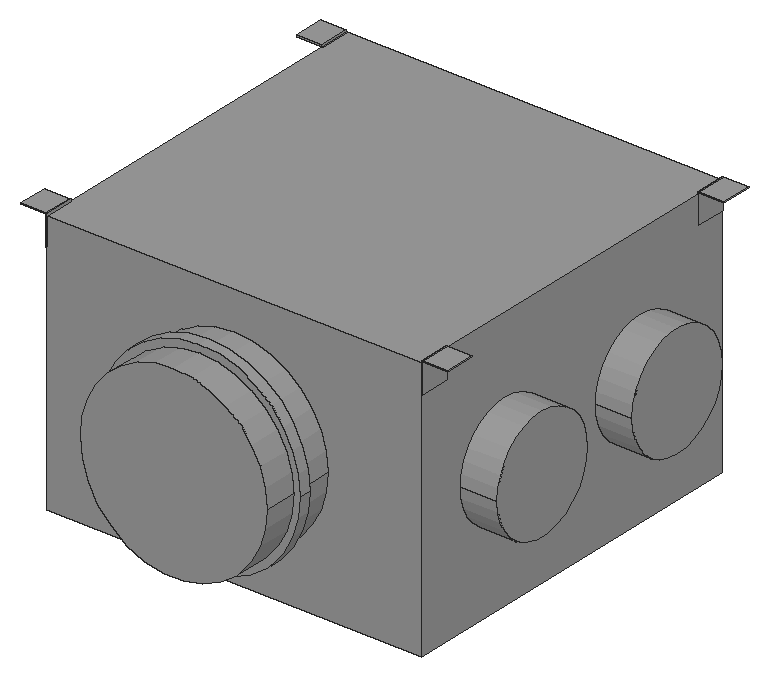
Revit family "FASU(F5-150 250Φ)", category ダクト付属品, Revit 2020
Family settings
  丸型コネクタ寸法 = 直径を使用
  パーツ タイプ = ダンパー
  OmniClass 番号 = 23.75.00.00
  OmniClass タイトル = Climate Control (HVAC)
  作業面ベース = いいえ
  常に垂直 = はい
  ロード時にボイドで切り取り = いいえ
  共有 = いいえ
Parameters
  高さ = 350 mm
  風量 [instance] = 0.0 L/s
  符号 = "FASU"
  形式 = "F5-150 250φ"
  幅 [instance] = 500 mm
  奥行き = 500 mm
  大きさ = 250 mm
  呼称 = "FASUチャンバー"
  付属品_下端レベル [instance] = 0 mm
  マテリアル [instance] = 既定値
  ダクト_イン = 250 mm
  ダクト_アウト = 150 mm
  既定の高さ = 0 mm
Reference planes
  plane 1 "中心(正面/背面)": y = 0
  plane 2: z = 0
  plane 3 "中心(左/右)": x = 0
  plane 4: x = -250
  plane 5: x = 250
  plane 6: y = -500
  plane 7: z = 350
  plane 8: z = 175
  plane 9: z = 266.963
  plane 10: z = 86.159
  plane 11: x = -125
  plane 12: x = 125
  plane 13: x = -135
  plane 14: x = 135
  plane 15: x = -251
  plane 16: z = 313.122
  plane 17: z = 352.122
  plane 18: y = -250
Forms (mm)
  Extrusion 1, solid, material "既定値" <- "マテリアル"
    sketch origin (0, 0, 0) x (1, 0, 0) y (0, 1, 0)
      loop
        line (-250, 0) -> (-250, -500) -> (250, -500) -> (250, 0) -> (-250, 0)
    from 0 to 350
  Extrusion 2, solid, material "既定値" <- "マテリアル"
    sketch origin (0, -30, 0) x (1, 0, 0) y (0, 0, 1)
      loop
        circle (0, 175) r 125
    from 470 to 512.5
  Extrusion 3, solid, material "既定値" <- "マテリアル"
    sketch origin (0, -30, 0) x (1, 0, 0) y (0, 0, 1)
      loop
        circle (0, 175) r 135
    from 512.5 to 527.5
  Extrusion 4, solid, material "既定値" <- "マテリアル"
    sketch origin (0, -117.5, 0) x (1, 0, 0) y (0, 0, 1)
      loop
        circle (0, 175) r 125
    from 440 to 482.5
  Extrusion 5, solid, material "既定値" <- "マテリアル"
    sketch origin (0, -30, 0) x (0, 1, 0) y (0, 0, 1)
      loop
        circle (-332.5, 175) r 74.985
    from -300 to -250
  Extrusion 6, solid, material "既定値" <- "マテリアル"
    sketch origin (550, -30, 0) x (0, 1, 0) y (0, 0, 1)
      loop
        circle (-332.5, 175) r 74.985
    from -300 to -250
  Extrusion 7, solid, material "既定値" <- "マテリアル"
    sketch origin (0, -30, 0) x (1, 0, 0) y (0, 1, 0)
      loop
        line (-250, 30) -> (-251, 30) -> (-251, -10) -> (-250, -10) -> (-250, 30)
    from 313.122 to 350
  Extrusion 8, solid, material "既定値" <- "マテリアル"
    sketch origin (0, -30, 0) x (1, 0, 0) y (0, 1, 0)
      loop
        line (-285, 30) -> (-285, -10) -> (-251, -10) -> (-251, 30) -> (-285, 30)
    from 352.122 to 350
  Extrusion 9, solid, material "既定値" <- "マテリアル"
    sketch origin (0, -30, 0) x (-1, 0, 0) y (0, -1, 0)
      loop
        line (-250, -30) -> (-250, 10) -> (-251, 10) -> (-251, -30) -> (-250, -30)
    from 313.122 to 353.122
  Extrusion 10, solid, material "既定値" <- "マテリアル"
    sketch origin (0, -30, 0) x (-1, 0, 0) y (0, -1, 0)
      loop
        line (-285, -30) -> (-251, -30) -> (-251, 10) -> (-285, 10) -> (-285, -30)
    from 352.122 to 353.122
  Extrusion 11, solid, material "既定値" <- "マテリアル"
    sketch origin (0, -490, 0) x (1, 0, 0) y (0, 1, 0)
      loop
        line (-285, 30) -> (-285, -10) -> (-251, -10) -> (-251, 30) -> (-285, 30)
    from 352.122 to 353.122
  Extrusion 12, solid, material "既定値" <- "マテリアル"
    sketch origin (0, -490, 0) x (1, 0, 0) y (0, 1, 0)
      loop
        line (-250, 30) -> (-251, 30) -> (-251, -10) -> (-250, -10) -> (-250, 30)
    from 313.122 to 353.122
  Extrusion 13, solid, material "既定値" <- "マテリアル"
    sketch origin (0, -490, 0) x (-1, 0, 0) y (0, -1, 0)
      loop
        line (-285, -30) -> (-251, -30) -> (-251, 10) -> (-285, 10) -> (-285, -30)
    from 352.122 to 353.122
  Extrusion 14, solid, material "既定値" <- "マテリアル"
    sketch origin (0, -490, 0) x (-1, 0, 0) y (0, -1, 0)
      loop
        line (-250, -30) -> (-250, 10) -> (-251, 10) -> (-251, -30) -> (-250, -30)
    from 313.122 to 353.122
  Extrusion 15, solid, material "既定値" <- "マテリアル"
    sketch origin (-332.5, 300, 0) x (-1, 0, 0) y (0, 0, 1)
      loop
        circle (-332.5, 175) r 74.985
    from -300 to -250
  Extrusion 16, solid, material "既定値" <- "マテリアル"
    sketch origin (550, -470, 0) x (0, -1, 0) y (0, 0, -1)
      loop
        circle (-332.5, -175) r 74.985
    from -300 to -250
  Extrusion 17, solid, material "既定値" <- "マテリアル"
    sketch origin (-550, -470, 0) x (0, -1, 0) y (0, 0, 1)
      loop
        circle (-332.5, 175) r 74.985
    from -300 to -250
Lines and regions (mm)
  model lines
    curve 1: line (-250, -30, 0) -> (250, -30, 0)
    curve 2: line (-250, -470, 0) -> (250, -470, 0)
Text (mm)
  text "FASU(F5-150 250Φ)" at (120.822, -450.782, 0), in view "参照レベル"
Dimensions and locks
  equal spacing: plane 4, plane 3 "中心(左/右)", plane 5
  "幅": plane 4 to plane 5
  "奥行き": plane 6 to plane 1 "中心(正面/背面)"
  "高さ": plane 7 to level
  equal spacing: plane 7, plane 8, level
  equal spacing: plane 6, plane 18, plane 1 "中心(正面/背面)"
  aligned and locked: level to plane 2
  aligned and locked: Extrusion 1 sketch curve to plane 5
  aligned and locked: plane 7 to Extrusion 1
  aligned and locked: plane 4 to Extrusion 5
  aligned and locked: Extrusion 6 to plane 5
  aligned and locked: Extrusion 7 sketch curve to Extrusion 1
  aligned and locked: plane 7 to Extrusion 7
  aligned and locked: Extrusion 8 sketch curve to Extrusion 7
  aligned and locked: Extrusion 7 to Extrusion 8 sketch curve
  aligned and locked: plane 7 to Extrusion 8
  aligned and locked: Extrusion 8 to plane 17
  aligned and locked: Extrusion 9 to Extrusion 10 sketch curve
  aligned and locked: Extrusion 10 sketch curve to Extrusion 9
  aligned and locked: Extrusion 3 to Extrusion 4
  aligned and locked: Extrusion 3 to Extrusion 2
  aligned and locked: Extrusion 1 to Extrusion 13
  aligned and locked: Extrusion 11 to Extrusion 1
  aligned and locked: Extrusion 12 to Extrusion 1
  aligned and locked: Extrusion 1 to Extrusion 14
  aligned and locked: Extrusion 14 to Extrusion 13
  aligned and locked: Extrusion 12 to Extrusion 11
  aligned and locked: plane 4 to Extrusion 12
  aligned and locked: Extrusion 14 to plane 5
  aligned and locked: plane 4 to curve 1
  aligned and locked: plane 5 to curve 1
  aligned and locked: plane 5 to curve 2
  aligned and locked: plane 4 to curve 2
  aligned and locked: Extrusion 1 to Extrusion 8
  aligned and locked: Extrusion 10 to Extrusion 1
  aligned and locked: Extrusion 9 to plane 5
  aligned and locked: Extrusion 15 to Extrusion 1
  aligned and locked: Extrusion 1 to plane 6
  aligned and locked: Extrusion 1 to plane 1 "中心(正面/背面)"
  aligned and locked: plane 6 to Extrusion 2
  aligned and locked: Extrusion 16 to plane 5
  aligned and locked: plane 4 to Extrusion 17
Automatic sketch dimensions
  plane 6 to curve 2 = 30 mm
  plane 1 "中心(正面/背面)" to curve 1 = 30 mm
  Extrusion 1 sketch curve to plane 4 = 0 mm
  Extrusion 1 sketch curve to plane 6 = 0 mm
  plane 1 "中心(正面/背面)" to Extrusion 1 sketch curve = 0 mm
  Extrusion 2 sketch curve to plane 3 "中心(左/右)" = 0 mm
  Extrusion 2 sketch curve to plane 8 = 0 mm
  Extrusion 3 sketch curve to plane 3 "中心(左/右)" = 0 mm
  Extrusion 3 sketch curve to plane 8 = 0 mm
  Extrusion 4 sketch curve to plane 3 "中心(左/右)" = 0 mm
  Extrusion 4 sketch curve to plane 8 = 0 mm
  Extrusion 5 sketch curve to plane 8 = 0 mm
  Extrusion 6 sketch curve to plane 8 = 0 mm
  plane 1 "中心(正面/背面)" to Extrusion 7 sketch curve = 0 mm
  Extrusion 7 sketch curve to plane 15 = 0 mm
  Extrusion 7 sketch curve to Extrusion 7 sketch curve = 40 mm
  plane 1 "中心(正面/背面)" to Extrusion 8 sketch curve = 0 mm
  Extrusion 8 sketch curve to Extrusion 8 sketch curve = 34 mm
  plane 1 "中心(正面/背面)" to Extrusion 9 sketch curve = 0 mm
  Extrusion 9 sketch curve to plane 5 = 0 mm
  Extrusion 9 sketch curve to Extrusion 9 sketch curve = 1 mm
  Extrusion 9 sketch curve to Extrusion 9 sketch curve = 40 mm
  plane 1 "中心(正面/背面)" to Extrusion 10 sketch curve = 0 mm
  Extrusion 10 sketch curve to Extrusion 10 sketch curve = 34 mm
  Extrusion 11 sketch curve to plane 6 = 0 mm
  Extrusion 11 sketch curve to plane 15 = 0 mm
  Extrusion 11 sketch curve to Extrusion 11 sketch curve = 34 mm
  Extrusion 12 sketch curve to plane 15 = 0 mm
  Extrusion 12 sketch curve to plane 4 = 0 mm
  Extrusion 12 sketch curve to plane 6 = 0 mm
  Extrusion 13 sketch curve to plane 6 = 0 mm
  Extrusion 13 sketch curve to plane 5 = 35 mm
  Extrusion 13 sketch curve to plane 5 = 1 mm
  Extrusion 14 sketch curve to plane 6 = 0 mm
  Extrusion 14 sketch curve to plane 5 = 0 mm
  Extrusion 14 sketch curve to Extrusion 14 sketch curve = 1 mm
  Extrusion 15 sketch curve to plane 3 "中心(左/右)" = 0 mm
  Extrusion 15 sketch curve to plane 8 = 0 mm
  Extrusion 16 sketch curve to plane 8 = 0 mm
  plane 18 to Extrusion 16 sketch curve = 112.5 mm
  Extrusion 17 sketch curve to plane 8 = 0 mm
  plane 18 to Extrusion 17 sketch curve = 112.5 mm
  Extrusion 5 sketch curve to plane 18 = 112.5 mm
  Extrusion 6 sketch curve to plane 18 = 112.5 mm
  plane 6 to Extrusion 11 sketch curve = 40 mm
  plane 6 to Extrusion 12 sketch curve = 40 mm
  Extrusion 13 sketch curve to plane 6 = 40 mm
  Extrusion 14 sketch curve to plane 6 = 40 mm
  radius of Extrusion 2 sketch curve = 125 mm
  radius of Extrusion 3 sketch curve = 135 mm
  radius of Extrusion 4 sketch curve = 125 mm
  radius of Extrusion 5 sketch curve = 74.985 mm
  radius of Extrusion 6 sketch curve = 74.985 mm
  radius of Extrusion 15 sketch curve = 74.985 mm
  radius of Extrusion 16 sketch curve = 74.985 mm
  radius of Extrusion 17 sketch curve = 74.985 mm
Connectors
  hvac at (300, -362.5, 175), driven by "ダクト_アウト"
    settings: on Extrusion 6, index 11, duct flow 0.0 L/s, flow factor 0, pres drop 0.0 Pa, loss coef 0, conn angle 0.00°, conn width 304.8 mm, conn height 304.8 mm, conn diameter 150 mm, duct sys type 29, conn prof type 0, flow config 0, flow direction 2, loss method 0, conn ref index -1, conn util no, is conn primary yes, conn desc ""
  hvac at (-300, -362.5, 175), driven by "ダクト_アウト"
    settings: on Extrusion 5, index 12, duct flow 0.0 L/s, flow factor 0, pres drop 0.0 Pa, loss coef 0, conn angle 0.00°, conn width 304.8 mm, conn height 304.8 mm, conn diameter 150 mm, duct sys type 29, conn prof type 0, flow config 0, flow direction 2, loss method 0, conn ref index -1, conn util no, is conn primary no, conn desc ""
  hvac at (-300, -137.5, 175), driven by "ダクト_アウト"
    settings: on Extrusion 17, index 13, duct flow 0.0 L/s, flow factor 0, pres drop 0.0 Pa, loss coef 0, conn angle 0.00°, conn width 304.8 mm, conn height 304.8 mm, conn diameter 150 mm, duct sys type 29, conn prof type 0, flow config 0, flow direction 2, loss method 0, conn ref index -1, conn util no, is conn primary no, conn desc ""
  hvac at (0, 50, 175), driven by "ダクト_アウト"
    settings: on Extrusion 15, index 14, duct flow 0.0 L/s, flow factor 0, pres drop 0.0 Pa, loss coef 0, conn angle 0.00°, conn width 304.8 mm, conn height 304.8 mm, conn diameter 150 mm, duct sys type 29, conn prof type 0, flow config 0, flow direction 2, loss method 0, conn ref index -1, conn util no, is conn primary no, conn desc ""
  hvac at (300, -137.5, 175), driven by "ダクト_アウト"
    settings: on Extrusion 16, index 15, duct flow 0.0 L/s, flow factor 0, pres drop 0.0 Pa, loss coef 0, conn angle 0.00°, conn width 304.8 mm, conn height 304.8 mm, conn diameter 150 mm, duct sys type 29, conn prof type 0, flow config 0, flow direction 2, loss method 0, conn ref index -1, conn util no, is conn primary no, conn desc ""
  hvac at (0, -600, 175), driven by "ダクト_イン"
    settings: on Extrusion 4, index 16, duct flow 0.0 L/s, flow factor 0, pres drop 0.0 Pa, loss coef 0, conn angle 0.00°, conn width 304.8 mm, conn height 304.8 mm, conn diameter 250 mm, duct sys type 1, conn prof type 0, flow config 0, flow direction 1, loss method 0, conn ref index -1, conn util no, is conn primary no, conn desc ""
